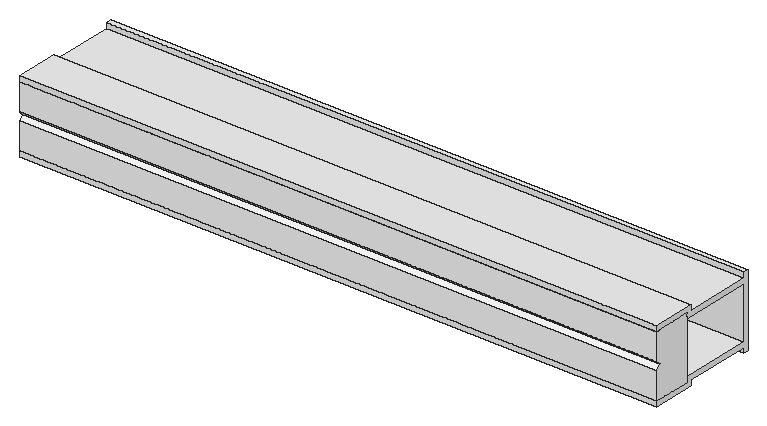
Revit family "4070742+4070746 Feilo Sylvania Lighting Fixture CURSUS 306MM 218LM OVAL LED 4K with CONTINUOUS WALL HOUSING", category Lighting Fixtures, host Face, Revit 2017
Family settings
  Host = Face
  Round Connector Dimension = Use Diameter
  Part Type = Normal
  OmniClass Number = 23.80.70.14
  OmniClass Title = Luminaries for External Lighting
  Cut with Voids When Loaded = Yes
  Light Source = Yes
  Shared = Yes
  Room Calculation Point = No
Parameters (values of type "4070742 CURSUS 306MM 218LM OVAL LED 4K")
  Width_FEILO = 35 mm
  Weight = "0.6 kg"
  Wattage Comments = "n/a"
  Wattage = 4.5 W
  WarrantyStartDate [instance] = "n/a"
  WarrantyGuarantorParts = "n/a"
  WarrantyDurationUnit = "n/a"
  WarrantyDurationParts = "n/a"
  WarrantyDescription = "n/a"
  WallThickness_FEILO = 2.5 mm
  built-in parameter 1150110 = 1 (stored number, unit not read)
  Voltage = 24 V
  URL = "http://www.sylvania-lighting.com"
  TypeName = "CURSUS 306MM 218LM OVAL LED 4K"
  Type Image = <None>
  Type Comments = "n/a"
  built-in parameter 1114217 = 1 (stored number, unit not read)
  Tilt Angle = -90.00°
  built-in parameter 1150109 = 1 (stored number, unit not read)
  built-in parameter 1150134 = 12
  built-in parameter 1150113 = 1 (stored number, unit not read)
  SerialNumber [instance] = "n/a"
  ReflectorMaterial = none
  PowerFactor = 0
  PowerConsumption = "4.5 W"
  Photometric Web File = "4070742.ies"
  NominalLength = 306 mm
  NominalHeight = 50 mm
  NominalDepth = 30 mm
  Name = "CURSUS 306MM 218LM OVAL LED 4K"
  ModelReference = Name  # "CURSUS 306MM 218LM OVAL LED 4K"
  ModelNumber = "4070742"
  Model = Name  # "CURSUS 306MM 218LM OVAL LED 4K"
  Material = "natural anodised extruded aluminium structure housing, optical system with pmma lenses diffuser"
  ManufacturerName = "Feilo Sylvania"
  Manufacturer = "Feilo Sylvania"
  LuminousEfficacy = "48.44 lm/W"
  built-in parameter 1150105 = 298.55 (stored number, unit not read)
  Lumens = 218 lm
  LuminaireType = ""
  built-in parameter 1150115 = 1 (stored number, unit not read)
  LightOutputRatio = "100"
  built-in parameter 1150137 = (empty or 0)
  built-in parameter 1150139 = (empty or 0)
  Length_FEILO = 312 mm
  LampsType = Lamp  # "LED"
  LampNominalLuminous = "218 lm"
  LampMacAdamStep = "n/a"
  LampColourTemperature = "4000 K"
  LampColourRenderingIndex = "80"
  built-in parameter 1150112 = 1 (stored number, unit not read)
  built-in parameter 1150114 = 1 (stored number, unit not read)
  Lamp = "LED"
  Keynote = "16500"
  InstallationDate [instance] = "n/a"
  InputVoltage = "24V DC"
  InputNominalFrequency = "n/a"
  built-in parameter 1150132 = (empty or 0)
  built-in parameter 1150102 = (empty or 0)
  built-in parameter 1150107 = 4000 (stored number, unit not read)
  built-in parameter 1150138 = (empty or 0)
  IngressProtection = "IP67"
  ImpactProtectionIndex = "IK07"
  built-in parameter 1150106 = 2.9855 (stored number, unit not read)
  IfcExportType = "IfcLightFixtureType"
  IfcExportAs = "IfcLightFixtureType"
  ExpectedLife = 50000
  EndCapRight [instance] = no
  EndCapLeft [instance] = no
  Emit from Rectangle Width = Width_FEILO - WallThickness_FEILO * 2  # 30 mm
  Emit from Rectangle Length = Length_FEILO - WallThickness_FEILO * 2  # 307 mm
  Emit Shape Visible in Rendering = no
  ElectricShockClassification = "Class III"
  built-in parameter 1150104 = 4.5006 (stored number, unit not read)
  DurationUnit = "hours"
  DocumentationLiterature = "http://www.sylvania-lighting.com/product/en-int/products/4070742"
  DimmingControlOptions = "n/a"
  Dimming Lamp Color Temperature Shift = <None>
  DiffuserMaterial = Diffuser-Sylvania-Glow
  Description = "LED Exterior Lighting Recessed Surface Mounted Linear Fixture, Natural anodised extruded aluminium structure. Die-cast aluminium end caps. Installation kit with harmonic steel springs., 218 lm, 4,5W,  48lm/W, 4000K, CRI80+,non dimmable,IP67, IK07, (HxWxD) 306x50x30mm, 3 step Mac Adam Ellipse, 0.6kg,, Classe III, 21-25V-DC, energy class : A++, A+, A"
  Default Elevation = 1219.2 mm
  CreatedOn = "1/8/2018"
  CreatedBy = ""
  Cost = 0
  Color Filter = 16777215
  built-in parameter 1114216 [instance] = (empty or 0)
  ClassificationValue = "EF_70_80"
  ClassificationName = "Uniclass2015"
  BodyMaterial = Body-Sylvania-Gray
  BarCode [instance] = "n/a"
  built-in parameter 1114218 = 1 (stored number, unit not read)
  built-in parameter 1150133 = 10 (stored number, unit not read)
  AssetType = "Fixed"
  AssetIdentifier [instance] = "n/a"
  Assembly Code = "D5020200"
  Apparent Load = 4.5 VA
  AccessoryMaterial = Diffuser-Sylvania-Glow
Reference planes
  plane 1 "Center (Front/Back)": y = 0
  plane 2: z = 0
  plane 3 "Center (Left/Right)": x = 0
  plane 4: x = 156
  plane 5: x = -156
  plane 6: x = -153.5
  plane 7: x = 153.5
  plane 8: z = 35
  plane 9: z = 17.5
  plane 10: z = 32.5
  plane 11: z = 2.5
  plane 12: z = 30
  plane 13: z = 5
  plane 14: y = -55
  plane 15: y = -53
  plane 16: y = -2.5
  plane 17: y = -37
  plane 18: y = -34.5
Forms (mm)
  Extrusion 1, solid, material "Body-Sylvania-Gray" <- "BodyMaterial"
    sketch origin (0, 0, 0) x (0, 1, 0) y (0, 0, 1)
      loop
        line (0, 35) -> (-2.5, 35) -> (-2.5, 32.5) -> (-34.5, 32.5) -> (-34.5, 35) -> (-55, 35) -> (-55, 32.5) -> (-37, 32.5) -> (-37, 30) -> (-2.5, 30) -> (-2.5, 5) -> (-37, 5) -> (-37, 2.5) -> (-55, 2.5) -> (-55, 0) -> (-34.5, 0) -> (-34.5, 2.5) -> (-2.5, 2.5) -> (-2.5, 0) -> (0, 0) -> (0, 35)
    from -153.5 to 153.5
  Extrusion 2, solid, material "Diffuser-Sylvania-Glow" <- "DiffuserMaterial"
    sketch origin (0, 0, 0) x (0, 1, 0) y (0, 0, 1)
      loop
        line (-37, 32.5) -> (-55, 32.5) -> (-55, 19.5) -> (-53, 17.5) -> (-55, 15.5) -> (-55, 2.5) -> (-37, 2.5) -> (-37, 32.5)
    from -153.5 to 153.5
  Extrusion 3, solid, material "Body-Sylvania-Gray" <- "BodyMaterial", visible <- "EndCapRight"
    sketch origin (153.5, 1524, 1219.2) x (0, 1, 0) y (0, 0, 1)
      loop
        line (-1579, -1184.2) -> (-1579, -1219.2) -> (-1524, -1219.2) -> (-1524, -1184.2) -> (-1579, -1184.2)
    from 0 to 2.5
  Extrusion 4, solid, material "Body-Sylvania-Gray" <- "BodyMaterial", visible <- "EndCapLeft"
    sketch origin (-153.5, 1524, 1219.2) x (0, 1, 0) y (0, 0, 1)
      loop
        line (-1579, -1184.2) -> (-1579, -1219.2) -> (-1524, -1219.2) -> (-1524, -1184.2) -> (-1579, -1184.2)
    from -2.5 to 0
Dimensions and locks
  equal spacing: plane 5, plane 3 "Center (Left/Right)", plane 4
  "Length_FEILO": plane 5 to plane 4
  equal spacing: plane 6, plane 3 "Center (Left/Right)", plane 7
  "WallThickness_FEILO": plane 5 to plane 6
  locked: plane 9 to plane 2 at 17.5
  locked: plane 8 to plane 2 at 35
  equal spacing: plane 11, plane 9, plane 10
  equal spacing: plane 13, plane 9, plane 12
  "WallThickness_FEILO": plane 12 to plane 10
  locked: plane 14 to plane 15 at 2
  locked: plane 14 to plane 17 at 18
  "WallThickness_FEILO": plane 17 to plane 18
  "WallThickness_FEILO": plane 16 to plane 1 "Center (Front/Back)"
  locked: plane 15 to Extrusion 2 sketch curve (angle 45.00°)
  locked: Extrusion 2 sketch curve to plane 15 (angle 45.00°)
  aligned and locked: plane 2 to host face
  aligned and locked: level to host face
  aligned and locked: plane 1 "Center (Front/Back)" to Extrusion 1 sketch curve
  aligned and locked: Extrusion 1 sketch curve to plane 8  (x2)
  aligned and locked: plane 16 to Extrusion 1 sketch curve
  aligned and locked: host face to Extrusion 1 sketch curve
  aligned and locked: Extrusion 1 sketch curve to plane 16  (x2)
  aligned and locked: Extrusion 1 sketch curve to plane 11
  aligned and locked: plane 18 to Extrusion 1 sketch curve
  aligned and locked: level to Extrusion 1 sketch curve
  aligned and locked: plane 11 to Extrusion 1 sketch curve
  aligned and locked: Extrusion 1 sketch curve to plane 17
  aligned and locked: plane 13 to Extrusion 1 sketch curve
  aligned and locked: Extrusion 1 sketch curve to plane 12
  aligned and locked: plane 10 to Extrusion 1 sketch curve  (x2)
  aligned and locked: plane 17 to Extrusion 1 sketch curve  (x2)
  aligned and locked: plane 12 to Extrusion 1 sketch curve
  aligned and locked: Extrusion 1 sketch curve to plane 10
  aligned and locked: Extrusion 1 sketch curve to plane 18
  aligned and locked: plane 7 to Extrusion 1
  aligned and locked: Extrusion 1 to plane 6
  aligned and locked: Extrusion 2 sketch curve to Extrusion 1  (x4)
  aligned and locked: Extrusion 1 to Extrusion 2 sketch curve
  aligned and locked: plane 9 to Extrusion 2 sketch curve
  aligned and locked: plane 7 to Extrusion 2
  aligned and locked: Extrusion 2 to plane 6
  aligned and locked: Extrusion 3 sketch curve to Extrusion 1  (x4)
  aligned and locked: plane 4 to Extrusion 3
  aligned and locked: Extrusion 3 to plane 7
  aligned and locked: Extrusion 4 sketch curve to Extrusion 3  (x3)
  aligned and locked: Extrusion 4 sketch curve to Extrusion 1
  aligned and locked: Extrusion 4 to plane 5
  aligned and locked: plane 6 to Extrusion 4
  aligned and locked: plane 14 to imposter light
  aligned and locked: imposter light to plane 9
  aligned and locked: plane 3 "Center (Left/Right)" to imposter light
Automatic sketch dimensions
  host sketch curve to host sketch curve = 2438.4 mm  (x2)
  Extrusion 1 sketch curve to plane 14 = 0 mm  (x2)
  Extrusion 2 sketch curve to plane 15 = 0 mm
Connectors
  electrical at (0, 0, 0), driven by "Apparent Load", driven by "PowerFactor", driven by "Voltage"
    settings: index 1, voltage 24 V, apparent load 4.5 VA, apparent load phase1 0 VA, apparent load phase2 0 VA, apparent load phase3 0 VA, power factor 0, load classification "Lighting", number of poles 1, system type 30, power factor state 1, is connector primary yes, connector utility no, sub classification motor no, connector description ""
